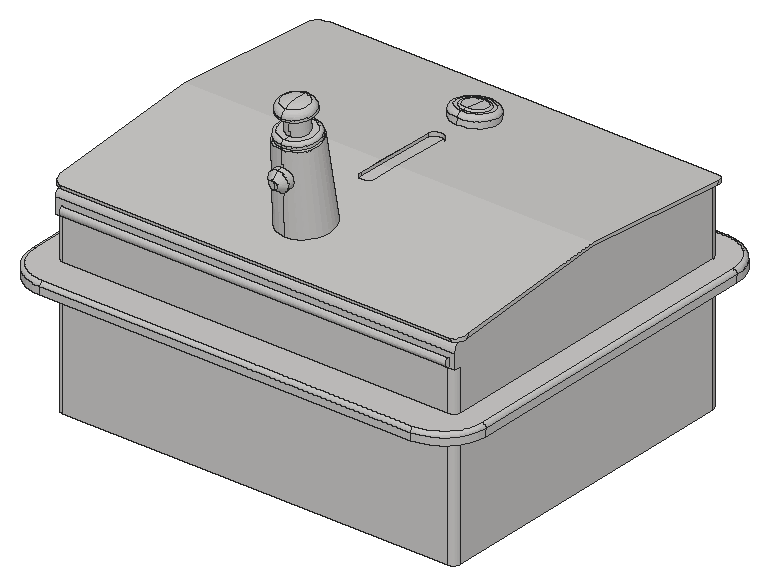
Revit family "PRD_AR_SpDspnsrs_STRATOSSoapDispenser_STRX619_STRX619E", category Specialty Equipment, host Face, Revit 2018
Family settings
  Host = Face
  Round Connector Dimension = Use Diameter
  Part Type = Normal
  OmniClass Number = 23.40.20.21.34
  OmniClass Title = Soap Holders, Dispensers
  Cut with Voids When Loaded = No
  Shared = No
  Room Calculation Point = No
Parameters (values of type "STRX619E")
  WarrantyStartDate [instance] = "1900-12-31T23:59:59"
  WarrantyGuarantorParts = "n/a"
  WarrantyGuarantorLabor = "n/a"
  WarrantyDurationUnit = "year"
  WarrantyDurationParts = "n/a"
  WarrantyDurationLabor = "n/a"
  WarrantyDescription = "n/a"
  Version = "1"
  Uniclass2015Version = "Products v1.10"
  Uniclass2015Title = "Soap dispenser"
  Uniclass2015Code = "Pr_40_70_22_81"
  URL = "www.kwc.com"
  TypeOfSoapContainer = "Integrated refillable tank"
  TypeOfOperation = "Manual operation"
  TypeOfMounting = "Recessed mounting"
  TypeOfFixing = "Screw"
  TypeOfConsumable = "Liquid soap"
  TagNumber [instance] = "n/a"
  SustainabilityPerformance = "n/a"
  SurfaceTreatment = "InoxPlus (anti fingerprint)"
  Style = "Soap dispenser"
  SoapDispenserMaterial = PRD_AR_StainlessSteel_SatinFinished
  Size = "211 x 181 x 159 mm"
  Shape = "n/a"
  SerialNumber [instance] = "n/a"
  STRX619E = yes
  STRX619 = no
  Revision = "n/a"
  ReplacementCost = "n/a"
  ProductInformation = "https://pim.kwc.com/product/2000057385/attachment/datasheet?locale=en"
  NominalWidth = 211 mm
  NominalHeight = 181 mm
  NominalDepth = 159 mm
  NetWeight = 2.10 kg
  Name = "Soap dispenser STRX619E"
  NBSTypeID = "n/a"
  NBSReference = "45-35-72/358"
  NBSOfficeMasterTag = "n/a"
  NBSNote = "n/a"
  NBSDescription = "Soap dispensers"
  NBSCertification = "n/a"
  ModelReference = "STRX619E"
  ModelOffset = 57 mm
  ModelNumber = "2000057385"
  Model = ModelReference  # "STRX619E"
  MaterialThickness = "1.50 mm"
  MaterialCode = "1.4301"
  Material = "Stainless steel"
  ManufacturerURL = "www.kwc.com"
  ManufacturerName = "KWC Group AG"  # constant formula
  Manufacturer = ManufacturerName  # "KWC Group AG"
  MainColor = "Stainless steel"
  Lock = "Key-lock"
  IsBuiltIn = "TRUE"
  IntegralAccessories = "incl. stainless steel screws and dowels"
  InstallationDate [instance] = "1900-12-31T23:59:59"
  IfcExportType = "USERDEFINED"
  IfcExportAs = "IfcFurnitureType"
  GrossWeight = 2.60 kg
  Grade = "n/a"
  Finish = "Satin finished"
  FillingQuantityUom = "Liter"
  FillingQuantity = "1"
  Features = "stainless steel, satin finished"
  ExpectedLife = "n/a"
  DurationUnit = "year"
  Description = "Soap dispenser for recessed mounting, stainless steel, surface satin finished, front with InoxPlus surface refinement for the reduction of finger marks and better cleaning characteristics (easy to clean), material thickness 1.5 mm, curved front cover with inspection window, cylinder lock with KWC standard key, suitable for liquid soaps and lotions, 1 liter soap tank, push button on front, includes stainless steel screws and dowels."
  Default Elevation = 850 mm
  CreatedOn = "11/2019"  # constant formula
  Constituents = "n/a"
  Color = "n/a"
  CodePerformance = "n/a"
  Category = "Pr_40_70_22_81, Soap dispensers"
  BarCode [instance] = "n/a"
  BIMObjectName = "PRD_AR_SoapDispensers_STRATOSSoapDispenser_STRX619E"
  Author = "Archispace"  # constant formula
  AssetType = "Fixed"
  AssetIdentifier [instance] = "n/a"
  AccessibilityPerformance = "n/a"
Types (2, lengths in mm): name | TypeOfMounting | Size | STRX619E | STRX619 | ProductInformation | NominalWidth | NominalHeight | NominalDepth | NetWeight | Name | ModelReference | ModelOffset | ModelNumber | Model | GrossWeight | Description | BIMObjectName
  STRX619 | "Wall mounting" | "186 x 154 x 150 mm" | no | yes | "https://pim.kwc.com/product/2000057382/attachment/datasheet?locale=en" | 186 | 154 | 150 | 1.56 kg | "Soap dispenser STRX619" | "STRX619" | 0 | "2000057382" | "STRX619" | 1.76 kg | "Soap dispenser for wall mounting, stainless steel, surface satin finished, front with InoxPlus surface refinement for the reduction of finger marks and better cleaning characteristics (easy to clean), material thickness 1.5 mm, curved front cover, cylinder lock with KWC standard key, inspection window on front, suitable for liquid soaps and lotions, 1 liter soap tank, push button on front, includes stainless steel screws and dowels." | "PRD_AR_SoapDispensers_STRATOSSoapDispenser_STRX619"
  STRX619E | "Recessed mounting" | "211 x 181 x 159 mm" | yes | no | "https://pim.kwc.com/product/2000057385/attachment/datasheet?locale=en" | 211 | 181 | 159 | 2.10 kg | "Soap dispenser STRX619E" | "STRX619E" | 57 | "2000057385" | "STRX619E" | 2.60 kg | "Soap dispenser for recessed mounting, stainless steel, surface satin finished, front with InoxPlus surface refinement for the reduction of finger marks and better cleaning characteristics (easy to clean), material thickness 1.5 mm, curved front cover with inspection window, cylinder lock with KWC standard key, suitable for liquid soaps and lotions, 1 liter soap tank, push button on front, includes stainless steel screws and dowels." | "PRD_AR_SoapDispensers_STRATOSSoapDispenser_STRX619E"
Reference planes
  plane 1 "Center (Front/Back)": y = 0
  plane 2: z = 0
  plane 3 "Center (Left/Right)": x = 0
  plane 4: z = -57
Forms (mm)
  Extrusion 1, void
    sketch origin (0, 0, 0) x (1, 0, 0) y (0, 1, 0)
      loop
        line (-90.997, 75) -> (-90.997, -75) -> (91, -75) -> (91, 75) -> (-90.997, 75)
    from -57 to 10
Dimensions and locks
  "ModelOffset": level to plane 4
  aligned and locked: plane 2 to host face
  aligned and locked: level to host face
  aligned and locked: Extrusion 1 to plane 4
Automatic sketch dimensions
  host sketch curve to host sketch curve = 2438.4 mm  (x2)
  Extrusion 1 sketch curve to plane 3 "Center (Left/Right)" = 90.997 mm
  plane 3 "Center (Left/Right)" to Extrusion 1 sketch curve = 91 mm
  plane 1 "Center (Front/Back)" to Extrusion 1 sketch curve = 75 mm
  Extrusion 1 sketch curve to plane 1 "Center (Front/Back)" = 75 mm
Nested families
  nested 1: "STRX619" at (0, 0, -57), type "STRX619"
  nested 2: "STRX619E" at (0, 0, 0), visible <- "STRX619E", type "STRX619E"
Definition of nested family "STRX619"
  Parameters (values of type "STRX619")
    Material = none
    Default Elevation = 1219.2 mm
  Reference planes
    plane 1 "Center (Front/Back)": y = 0
    plane 2: z = 0
    plane 3 "Center (Left/Right)": x = 0
  Forms (mm)
    Extrusion 1, solid
      sketch origin (0, 0, 0) x (1, 0, 0) y (0, 1, 0)
        loop
          line (-250, 320) -> (-250, -321.369) -> (248.602, -321.369) -> (248.602, 320) -> (-250, 320)
      from 0 to -60
    Extrusion 2, solid, material <- "Material", detail levels fine
      sketch origin (0, 0, 0) x (0, 1, 0) y (0, 0, 1)
        loop
          line (-75, 0) -> (75, 0) -> (75, 90.716)
          arc (75, 90.716) -> (1.683, 97.497) -> (-71.686, 91.307) r 418
          arc (-71.686, 91.307) -> (-74.061, 89.941) -> (-75, 87.366) r 4
          line (-75, 87.366) -> (-75, 0)
      from -91 to 91
    Extrusion 3, solid, material <- "Material", detail levels fine
      sketch origin (0, 0, 0) x (0, 1, 0) y (0, 0, 1)
        loop
          line (77.026, 91.44) -> (77.3, 92.915)
          arc (77.3, 92.915) -> (1.149, 99.907) -> (-75, 92.899) r 417.681
          line (-75, 92.899) -> (-74.746, 91.42)
          arc (-74.746, 91.42) -> (1.139, 98.407) -> (77.026, 91.44) r 416.181
      from -93 to 93
    Revolve 4, solid, material <- "Material", detail levels fine
      sketch origin (0, -121.506, 0) x (0, 1, 0) y (0, 0, 1)
        loop
          line (171.319, 97.098) -> (181.213, 95.826) -> (181.551, 98.455)
          arc (181.551, 98.455) -> (181.15, 99.932) -> (179.822, 100.694) r 2
          line (179.822, 100.694) -> (178.077, 100.918)
          arc (178.077, 100.918) -> (177.761, 101.327) -> (177.282, 101.524) r 1
          line (177.282, 101.524) -> (171.976, 102.206) -> (171.319, 97.098)
        axis (171.319, 97.098) -> (171.976, 102.206)
      angle from 0 to 360
    Revolve 5, solid, material <- "Material", detail levels medium
      sketch origin (0, -114.108, -99.373) x (0, 1, 0) y (0, 0, 1)
        loop
          line (163.922, 196.471) -> (173.815, 195.199) -> (174.472, 200.307) -> (164.578, 201.579) -> (163.922, 196.471)
        axis (163.922, 196.471) -> (164.578, 201.579)
      angle from 0 to 360
    Extrusion 6, void
      sketch origin (0, 0, 0) x (1, 0, 0) y (0, 1, 0)
        loop
          line (-3.502, 27.407) -> (-3.502, -10.532)
          arc (-3.502, -10.532) -> (-0.002, -14.032) -> (3.498, -10.532) r 3.5
          line (3.498, -10.532) -> (3.498, 27.407)
          arc (3.498, 27.407) -> (-0.002, 30.907) -> (-3.502, 27.407) r 3.5
      from 91.44 to 103.732
    Revolve 7, solid, material <- "Material", detail levels fine
      sketch origin (0, 0, 0) x (0, 1, 0) y (0, 0, 1)
        loop
          line (-46.835, 145.117) -> (-43.755, 145.47) -> (-43.872, 146.493)
          arc (-43.872, 146.493) -> (-44.692, 148.232) -> (-46.398, 149.117) r 3
          arc (-46.398, 149.117) -> (-49.315, 149.367) -> (-52.238, 149.228) r 22
          line (-52.238, 149.228) -> (-46.255, 97.043) -> (-34.393, 98.403) -> (-40.659, 134.196)
          arc (-40.659, 134.196) -> (-40.852, 134.6) -> (-41.228, 134.843) r 0.827
          line (-41.228, 134.843) -> (-41.353, 135.936)
          arc (-41.353, 135.936) -> (-41.911, 136.94) -> (-43.014, 137.255) r 1.5
          line (-43.014, 137.255) -> (-45.896, 136.925) -> (-46.835, 145.117)
        axis (-52.238, 149.228) -> (-46.255, 97.043)
      angle from 0 to 360
    Revolve 8, solid, material <- "Material", detail levels fine
      sketch origin (0, 0, 0) x (0, 1, 0) y (0, 0, 1)
        loop
          line (-64.869, 121.564) -> (-64.641, 119.577) -> (-58.978, 120.226) -> (-59.505, 124.815) -> (-62.386, 124.484) -> (-64.869, 121.564)
        axis (-58.978, 120.226) -> (-64.641, 119.577)
      angle from 0 to 360
    Revolve 9, solid, material <- "Material", detail levels medium
      sketch origin (0, 0, 0) x (0, 1, 0) y (0, 0, 1)
        loop
          line (-46.255, 97.043) -> (-34.393, 98.403) -> (-43.138, 148.36)
          arc (-43.138, 148.36) -> (-47.643, 149.272) -> (-52.238, 149.228) r 22
          line (-52.238, 149.228) -> (-46.255, 97.043)
        axis (-52.238, 149.228) -> (-46.255, 97.043)
      angle from 0 to 360
    Revolve 10, solid, material <- "Material", detail levels medium
      sketch origin (0, 0, 0) x (0, 1, 0) y (0, 0, 1)
        loop
          line (-64.869, 121.564) -> (-64.641, 119.577) -> (-57.661, 120.377) -> (-58.187, 124.966) -> (-62.386, 124.484) -> (-64.869, 121.564)
        axis (-57.661, 120.377) -> (-64.641, 119.577)
      angle from 0 to 360
    Extrusion 11, void
      sketch origin (0, 0, 0) x (1, 0, 0) y (0, 1, 0)
        loop
          line (-93, 79.026) -> (-93, 72.3)
          arc (-93, 72.3) -> (-91.536, 75.835) -> (-88, 77.3) r 5
          line (-88, 77.3) -> (-88, 79.026) -> (-93, 79.026)
        loop
          line (93, 79.026) -> (88, 79.026) -> (88, 77.3)
          arc (88, 77.3) -> (91.536, 75.835) -> (93, 72.3) r 5
          line (93, 72.3) -> (93, 79.026)
        loop
          line (-93, -76.726) -> (-88, -76.726) -> (-88, -75)
          arc (-88, -75) -> (-91.536, -73.535) -> (-93, -70) r 5
          line (-93, -70) -> (-93, -76.726)
        loop
          line (93, -76.726) -> (93, -70)
          arc (93, -70) -> (91.536, -73.535) -> (88, -75) r 5
          line (88, -75) -> (88, -76.726) -> (93, -76.726)
      from 80.9 to 101.456
    Sweep 12, void
      path in 3D
        loop
          line (-91, -75, 0) -> (-91, -75, 80.5)
      profile origin (-91, -75, 40.25) x (0, 1, 0) y (-1, 0, 0)
        loop
          line (0, 0) -> (0, -3.2)
          arc (0, -3.2) -> (0.937, -0.937) -> (3.2, 0) r 3.2
          line (3.2, 0) -> (0, 0)
    Sweep 13, void
      path in 3D
        loop
          line (91, -75, 0) -> (91, -75, 80.5)
      profile origin (91, -75, 40.25) x (0, -1, 0) y (1, 0, 0)
        loop
          line (0, 0) -> (-3.2, 0)
          arc (-3.2, 0) -> (-0.937, -0.937) -> (0, -3.2) r 3.2
          line (0, -3.2) -> (0, 0)
    Sweep 14, void
      path in 3D
        loop
          line (-91, 75, 102.733) -> (-91, 75, 0)
      profile origin (-91, 75, 51.366) x (-1, 0, 0) y (0, -1, 0)
        loop
          line (0, 0) -> (0, 3.2)
          arc (0, 3.2) -> (-0.937, 0.937) -> (-3.2, 0) r 3.2
          line (-3.2, 0) -> (0, 0)
        loop
          line (-182, 0) -> (-178.8, 0)
          arc (-178.8, 0) -> (-181.063, 0.937) -> (-182, 3.2) r 3.2
          line (-182, 3.2) -> (-182, 0)
    Extrusion 15, solid, material <- "Material", detail levels fine
      sketch origin (0, 0, 0) x (0, 1, 0) y (0, 0, 1)
        loop
          line (-75, 80.764) -> (-75, 84.636)
          arc (-75, 84.636) -> (-76.5, 82.7) -> (-75, 80.764) r 2
      from -88 to 88
    Extrusion 16, solid, material <- "Material", detail levels medium
      sketch origin (0, 0, 0) x (0, 1, 0) y (0, 0, 1)
        loop
          line (-75, 0) -> (75, 0) -> (75, 90.716)
          arc (75, 90.716) -> (1.683, 97.497) -> (-71.686, 91.307) r 418
          arc (-71.686, 91.307) -> (-74.061, 89.941) -> (-75, 87.366) r 4
          line (-75, 87.366) -> (-75, 0)
      from -91 to 91
    Extrusion 17, solid, material <- "Material", detail levels medium
      sketch origin (0, 0, 0) x (0, 1, 0) y (0, 0, 1)
        loop
          line (77.026, 91.44) -> (77.3, 92.915)
          arc (77.3, 92.915) -> (1.149, 99.907) -> (-75, 92.899) r 417.681
          line (-75, 92.899) -> (-74.746, 91.42)
          arc (-74.746, 91.42) -> (1.139, 98.407) -> (77.026, 91.44) r 416.181
      from -93 to 93
    Extrusion 18, solid, material <- "Material", detail levels coarse
      sketch origin (0, 0, 0) x (0, 1, 0) y (0, 0, 1)
        loop
          line (-75, 0) -> (75, 0) -> (75, 99.905) -> (-75, 99.905) -> (-75, 0)
      from -91 to 91
    Extrusion 19, solid, material <- "Material", detail levels coarse
      sketch origin (0, 0, 0) x (0, 1, 0) y (0, 0, 1)
        loop
          line (-33.927, 99.905) -> (-33.927, 149.905) -> (-63.927, 149.905) -> (-63.927, 99.905) -> (-33.927, 99.905)
      from -12 to 12
  Cuts and joins
    Extrusion 6, Extrusion 11 cuts Extrusion 3
    Sweep 12, Sweep 13, Sweep 14 cuts Extrusion 2
    joined: Revolve 9, Revolve 10
  Lines and regions (mm)
    sketch lines
      curve 1: line (-91, -75, 0) -> (-91, -75, 80.5)
      curve 2: line (91, -75, 0) -> (91, -75, 80.5)
      curve 3: line (-91, 75, 102.733) -> (-91, 75, 0)
  Dimensions and locks
    aligned and locked: plane 2 to Extrusion 1
    aligned and locked: level to Extrusion 1
Definition of nested family "STRX619E"
  Parameters (values of type "STRX619E")
    Material = none
    Default Elevation = 1219.2 mm
  Reference planes
    plane 1 "Center (Front/Back)": y = 0
    plane 2: z = 0
    plane 3 "Center (Left/Right)": x = 0
  Forms (mm)
    Extrusion 1, solid
      sketch origin (0, 0, 0) x (1, 0, 0) y (0, 1, 0)
        loop
          line (-250, 320) -> (-250, -321.369) -> (248.602, -321.369) -> (248.602, 320) -> (-250, 320)
      from 0 to -60
    Extrusion 2, solid, material <- "Material", detail levels fine
      sketch origin (0, 0, 0) x (1, 0, 0) y (0, 1, 0)
        loop
          arc (-103.5, -73) -> (-97.935, -86.435) -> (-84.5, -92) r 19
          line (-84.5, -92) -> (84.5, -92)
          arc (84.5, -92) -> (97.935, -86.435) -> (103.5, -73) r 19
          line (103.5, -73) -> (103.5, 70)
          arc (103.5, 70) -> (97.935, 83.435) -> (84.5, 89) r 19
          line (84.5, 89) -> (-84.5, 89)
          arc (-84.5, 89) -> (-97.935, 83.435) -> (-103.5, 70) r 19
          line (-103.5, 70) -> (-103.5, -73)
        loop
          arc (-87.8, 75) -> (-90.063, 74.063) -> (-91, 71.8) r 3.2
          line (-91, 71.8) -> (-91, -71.8)
          arc (-91, -71.8) -> (-90.063, -74.063) -> (-87.8, -75) r 3.2
          line (-87.8, -75) -> (87.8, -75)
          arc (87.8, -75) -> (90.063, -74.063) -> (91, -71.8) r 3.2
          line (91, -71.8) -> (91, 71.8)
          arc (91, 71.8) -> (90.063, 74.063) -> (87.8, 75) r 3.2
          line (87.8, 75) -> (-87.8, 75)
      from 0 to 5
    Sweep 3, void
      path in 3D
        loop
          arc (-103.5, -73, 5) -> (-97.935, -86.435, 5) -> (-84.5, -92, 5) r 19
          line (-84.5, -92, 5) -> (84.5, -92, 5)
          arc (84.5, -92, 5) -> (97.935, -86.435, 5) -> (103.5, -73, 5) r 19
          line (103.5, -73, 5) -> (103.5, 70, 5)
          arc (103.5, 70, 5) -> (97.935, 83.435, 5) -> (84.5, 89, 5) r 19
          line (84.5, 89, 5) -> (-84.5, 89, 5)
          arc (-84.5, 89, 5) -> (-97.935, 83.435, 5) -> (-103.5, 70, 5) r 19
          line (-103.5, 70, 5) -> (-103.5, -73, 5)
      profile origin (-103.5, -1.5, 5) x (1, 0, 0) y (0, 0, 1)
        loop
          line (0, 0) -> (0, -1.7)
          arc (0, -1.7) -> (0.498, -0.498) -> (1.7, 0) r 1.7
          line (1.7, 0) -> (0, 0)
    Extrusion 4, solid, material <- "Material", detail levels medium
      sketch origin (0, 0, 0) x (1, 0, 0) y (0, 1, 0)
        loop
          arc (-103.5, -73) -> (-97.935, -86.435) -> (-84.5, -92) r 19
          line (-84.5, -92) -> (84.5, -92)
          arc (84.5, -92) -> (97.935, -86.435) -> (103.5, -73) r 19
          line (103.5, -73) -> (103.5, 70)
          arc (103.5, 70) -> (97.935, 83.435) -> (84.5, 89) r 19
          line (84.5, 89) -> (-84.5, 89)
          arc (-84.5, 89) -> (-97.935, 83.435) -> (-103.5, 70) r 19
          line (-103.5, 70) -> (-103.5, -73)
        loop
          line (-91, 75) -> (-91, -75) -> (91, -75) -> (91, 75) -> (-91, 75)
      from 0 to 5
    Extrusion 5, solid, material <- "Material", detail levels coarse
      sketch origin (0, 0, 0) x (1, 0, 0) y (0, 1, 0)
        loop
          line (-103.5, -92) -> (103.5, -92) -> (103.5, 89) -> (-103.5, 89) -> (-103.5, -92)
        loop
          line (-91, 75) -> (-91, -75) -> (91, -75) -> (91, 75) -> (-91, 75)
      from 0 to 5
  Cuts and joins
    Sweep 3 cuts Extrusion 2
  Lines and regions (mm)
    sketch lines
      curve 1: line (-103.5, 70, 5) -> (-103.5, -73, 5)
      curve 2: arc (-84.5, -92, 5) -> (-97.935, -86.435, 5) -> (-103.5, -73, 5) r 19
      curve 3: line (-84.5, -92, 5) -> (84.5, -92, 5)
      curve 4: arc (103.5, -73, 5) -> (97.935, -86.435, 5) -> (84.5, -92, 5) r 19
      curve 5: line (103.5, -73, 5) -> (103.5, 70, 5)
      curve 6: arc (84.5, 89, 5) -> (97.935, 83.435, 5) -> (103.5, 70, 5) r 19
      curve 7: line (84.5, 89, 5) -> (-84.5, 89, 5)
      curve 8: arc (-103.5, 70, 5) -> (-97.935, 83.435, 5) -> (-84.5, 89, 5) r 19
  Dimensions and locks
    aligned and locked: plane 2 to Extrusion 1
    aligned and locked: level to Extrusion 1
